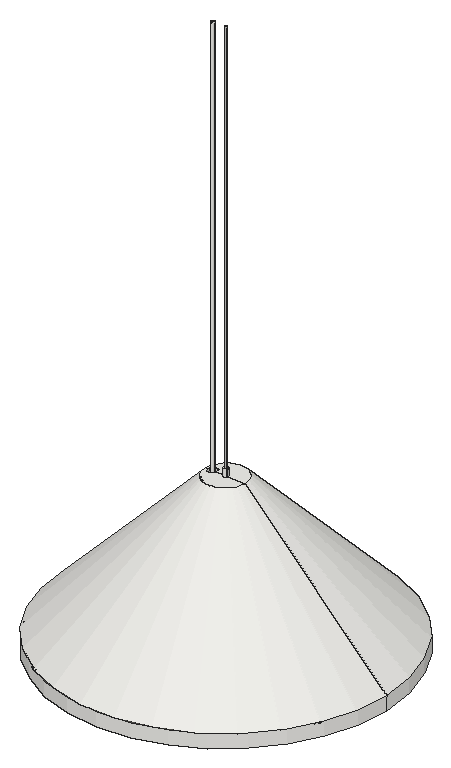
Revit family "Lighting_Pendants_Zero_Poker_Pendant", category Lighting Fixtures, Revit 2020
Family settings
  Round Connector Dimension = Use Diameter
  Part Type = Normal
  OmniClass Number = 23.80.70.00
  OmniClass Title = Lighting
  Work Plane-Based = Yes
  Always vertical = Yes
  Cut with Voids When Loaded = No
  Light Source = Yes
  Shared = No
  Room Calculation Point = No
Parameters (values of type "Poker Pendant 17W/1421LM 480mm White")
  Youtube clip = ""
  Weight Net (Kg) = "5.5"
  Wattage = 9.55959 W
  WarrantyStartDate [instance] = "n/a"
  WarrantyGuarantorParts = "n/a"
  WarrantyGuarantorLabor = "n/a"
  WarrantyDurationUnit = "Year"
  WarrantyDurationParts = "n/a"
  WarrantyDurationLabor = "n/a"
  WarrantyDescription = "n/a"
  built-in parameter 1150110 = 1 (stored number, unit not read)
  VersionDate = "31/08/2023"  # constant formula
  Version = "4"  # constant formula
  UsageCurrent = 0 A
  Uniformat II Description = ""
  Uniformat II Code = ""
  Uniclass2015Reference = "Pr_70_70_48_86"
  Uniclass2015Description = "Suspended luminaires"
  Uniclass2 = "Pr_70_70_49_86"
  Uniclass 2015 Name = ""
  Uniclass 2015 Code = ""
  Uniclass 2.0 Description = ""
  Uniclass 2.0 Code = ""
  Uniclass 1.4 Description = ""
  Uniclass 1.4 Code = ""
  URL = "https://www.zerolighting.com/poker-inompe"
  UNSPSC Code = ""
  TotalWattage = 17 W
  built-in parameter 1114217 = 1 (stored number, unit not read)
  Tilt Angle = 90.00°
  built-in parameter 1150109 = 1 (stored number, unit not read)
  built-in parameter 1150134 = (empty or 0)
  Technical description = ""
  TagNumber [instance] = "n/a"
  SustainabilityPerformance = "n/a"
  built-in parameter 1150113 = 1 (stored number, unit not read)
  Size = "480x480x230 mm"
  Shape = "Cone"
  ShadeType = poker-480-pendant : poker-480-pendant
  SerialNumber [instance] = "n/a"
  Revision = "7"  # constant formula
  ReplacementCost = "n/a"
  Region South America = "None"
  Region Oceania = "AU, NZ"
  Region North America = "BZ, CR, GT, HN, MX, NI, PA, SV, US"
  Region Middle East = "AE"
  Region Europe = "AD, AL, AT, AX, BA, BE, BG, BY, CH, CY, CZ, DE, DK, EE, ES, FI, FO, FR, GB, GG, GI, GR, HR, HU, IE, IM, IS, IT, JE, LI, LT, LU, LV, MC, MD, ME, MK, MT, NL, NO, PL, PT, RO, RS, RU, SE, SI, SJ, SK, SM, UA, VA"
  Region Asia = "HK, JP, SG"
  Region Antarctica = "None"
  Region Africa = "None"
  ProductInformation = "n/a"
  Product group = "Pendant"
  Product family = "Poker"
  Product certification = ""
  Product SKU = "Poker_pendant"
  Product Guid = "875a4a6f-7ccf-43d6-9719-72087a907706"
  Photometric Web File = "Poker78041_IES.IES"
  PhaseReference = "n/a"
  PhaseAngle = 0.00°
  OmniClass Description = ""
  OmniClass Code = ""
  NumberOfSources = 0
  NumberOfPoles = 1
  Nominal_Height = 230 mm
  NominalVoltageCalc = 0 V
  NominalVoltage = 230 V
  NominalRadius = 240 mm
  NominalLength = 480 mm
  NominalFrequencyRange = 50 Hz
  NominalDiameter = 480 mm
  NominalCurrent = 0 A
  Nominal width = 0 mm
  Nominal height = 0 mm
  Name = "Zero_Poker_Pendant"  # constant formula
  NBSReference = "90-60-50/405"
  NBSDescription = "General purpose luminaires"
  NBS Reference Description = ""
  NBS Reference Code = ""
  ModelReference = "n/a"
  ModelNumber = ArticleNumber  # "7804101"
  Model = "Poker Pendant 17W/1421LM 480mm White"
  Material secondary = "Acrylic"
  Material main = "Aluminium"
  Material = "Metal and plastic"
  Masterformat 2014 Description = ""
  Masterformat 2014 Code = ""
  ManufacturersSpecificInformation = "n/a"
  ManufacturerURL = "https://www.zerolighting.com/"
  ManufacturerName = "Zero"
  Manufacturer name = "ZERO"
  Manufacturer country = "Sweden"
  Manufacturer = "Zero"
  MaintenanceFactor = 0
  Lumens = 1420 lm
  built-in parameter 1150115 = 1 (stored number, unit not read)
  built-in parameter 1150105 = 527.31 (stored number, unit not read)
  LightFixturePlacingType = "Ceiling"
  LightFixtureMountingType = "Suspended"
  LightFixtureMainMaterial = White
  built-in parameter 1150137 = (empty or 0)
  built-in parameter 1150139 = (empty or 0)
  LensMaterial = Diffuse acrylic
  built-in parameter 1150112 = 1 (stored number, unit not read)
  built-in parameter 1150114 = 1 (stored number, unit not read)
  InsulationStandardClass = "n/a"
  InstallationDate [instance] = "n/a"
  Installation instructions = ""
  built-in parameter 1150132 = 2
  built-in parameter 1150102 = (empty or 0)
  built-in parameter 1150138 = (empty or 0)
  built-in parameter 1150107 = 3000 (stored number, unit not read)
  built-in parameter 1150106 = 5.2731 (stored number, unit not read)
  IfcExportType = "NOTDEFINED"  # constant formula
  IfcExportAs = "IfcLightFixtureType"  # constant formula
  IP_Code = "IP20"
  IFC Classification = ""
  HasProtectiveEarth = no
  Grade = "n/a"
  GTIN code = ""
  Finish = "Aluminium, painted white or black. Diffuser in matt acrylic."
  Features = "Terminal block 3x2,5mm2, when HFF terminal block 5x4mm2. Wire and cable pendant, 2 m, other lengths on request."
  ExpectedLife = "n/a"
  Emit from Circle Diameter = 470 mm
  Emit Shape Visible in Rendering = no
  ElectricalDeviceNominalPower = 0
  built-in parameter 1150104 = 13.8 (stored number, unit not read)
  Edition number = 1
  EANNumber = "n/a"
  DurationUnit = "Year"
  Dimming Lamp Color Temperature Shift = <None>
  Dimming = "None"
  Designer = "Thomas Bernstrand"
  Design country = "Sweden"
  DefaultElevation = 0 mm
  Default Elevation [instance] = 1219.2 mm
  Date of publishing = ""
  Constituents = "n/a"
  Color Filter = 16777215
  Color = "Black or white"
  Collection = "Poker"
  CodePerformance = "n/a"
  Category = "Pendant"
  CableLength [instance] = 600 mm
  COBIe Type Category = ""
  Brand url = "http://www.zero.se"
  Brand = "Zero"
  Barcode [instance] = "n/a"
  built-in parameter 1114218 = 1 (stored number, unit not read)
  BIMObjectName = "Lighting_Pendants_Zero_Poker_Pendant"  # constant formula
  Author = "BIMstone"  # constant formula
  built-in parameter 1150133 = 10 (stored number, unit not read)
  AssetType = "Fixed"
  AssetIdentifier [instance] = "n/a"
  ArticleNumber = "7804101"
  AccessibilityPerformance = "n/a"
Types (16, lengths in mm): name | Wattage | TotalWattage | built-in parameter 1150134 | Size | ShadeType | Photometric Web File | Nominal_Height | NominalRadius | NominalLength | NominalDiameter | ModelNumber | Model | Lumens | built-in parameter 1150105 | LightFixtureMainMaterial | built-in parameter 1150107 | built-in parameter 1150106 | Emit from Circle Diameter | Dimming | ArticleNumber
  Poker Pendant 32W/3854LM 1040mm White | 25.9455 W | 32 W | 12 | "1040x1040x520 mm" | poker-1040-pendant : poker-1040-pendant | "Poker78053-4000K.IES" | 520 | 520 | 1040 | 1040 | "7805301-40" | "Poker Pendant 32W/3854LM 1040mm White" | 3854 lm | 306.69 (stored number, unit not read) | White | 4000 (stored number, unit not read) | 3.0669 (stored number, unit not read) | 1030 | "None" | "7805301-40"
  Poker Pendant 32W/3854LM 1040mm White DALI | 25.9455 W | 32 W | 12 | "1040x1040x520 mm" | poker-1040-pendant : poker-1040-pendant | "Poker78053-4000K.IES" | 520 | 520 | 1040 | 1040 | "7805301D40" | "Poker Pendant 32W/3854LM 1040mm White DALI" | 3854 lm | 306.69 (stored number, unit not read) | White | 4000 (stored number, unit not read) | 3.0669 (stored number, unit not read) | 1030 | "Dimmable DALI or SwitchDim." | "7805301D40"
  Poker Pendant 32W/3854LM 1040mm Black | 25.9455 W | 32 W | 12 | "1040x1040x520 mm" | poker-1040-pendant : poker-1040-pendant | "Poker78053-4000K.IES" | 520 | 520 | 1040 | 1040 | "7805306-40" | "Poker Pendant 32W/3854LM 1040mm Black" | 3854 lm | 306.69 (stored number, unit not read) | Black | 4000 (stored number, unit not read) | 3.0669 (stored number, unit not read) | 1030 | "None" | "7805306-40"
  Poker Pendant 32W/3854LM 1040mm Black DALI | 25.9455 W | 32 W | 12 | "1040x1040x520 mm" | poker-1040-pendant : poker-1040-pendant | "Poker78053-4000K.IES" | 520 | 520 | 1040 | 1040 | "7805306D40" | "Poker Pendant 32W/3854LM 1040mm Black DALI" | 3854 lm | 306.69 (stored number, unit not read) | Black | 4000 (stored number, unit not read) | 3.0669 (stored number, unit not read) | 1030 | "Dimmable DALI or SwitchDim." | "7805306D40"
  Poker Pendant E27/max 28W 480mm Black | 9.56632 W | 28 W | (empty or 0) | "480x480x230 mm" | poker-480-pendant : poker-480-pendant | "Poker78003-26W_IES.IES" | 230 | 240 | 480 | 480 | "7801106" | "Poker Pendant E27/max 28W 480mm Black" | 1421 lm | 113.08 (stored number, unit not read) | Black | 3000 (stored number, unit not read) | 1.1308 (stored number, unit not read) | 470 | "None" | "7801106"
  Poker Pendant E27/max 28W 480mm White | 9.56632 W | 28 W | (empty or 0) | "480x480x230 mm" | poker-480-pendant : poker-480-pendant | "Poker78003-26W_IES.IES" | 230 | 240 | 480 | 480 | "7801101" | "Poker Pendant E27/max 28W 480mm White" | 1421 lm | 113.08 (stored number, unit not read) | White | 3000 (stored number, unit not read) | 1.1308 (stored number, unit not read) | 470 | "None" | "7801101"
  Poker Pendant E27/max 28W 1040mm White | 9.56632 W | 28 W | (empty or 0) | "1040x1040x520 mm" | poker-1040-pendant : poker-1040-pendant | "Poker78003-26W_IES.IES" | 520 | 520 | 1040 | 1040 | "7801301" | "Poker Pendant E27/max 28W 1040mm White" | 1421 lm | 113.08 (stored number, unit not read) | White | 3000 (stored number, unit not read) | 1.1308 (stored number, unit not read) | 1030 | "None" | "7801301"
  Poker Pendant E27/max 28W 1040mm Black | 9.56632 W | 28 W | (empty or 0) | "1040x1040x520 mm" | poker-1040-pendant : poker-1040-pendant | "Poker78003-26W_IES.IES" | 520 | 520 | 1040 | 1040 | "7801306" | "Poker Pendant E27/max 28W 1040mm Black" | 1421 lm | 113.08 (stored number, unit not read) | Black | 3000 (stored number, unit not read) | 1.1308 (stored number, unit not read) | 1030 | "None" | "7801306"
  Poker Pendant 17W/1421LM 480mm White | 9.55959 W | 17 W | (empty or 0) | "480x480x230 mm" | poker-480-pendant : poker-480-pendant | "Poker78041_IES.IES" | 230 | 240 | 480 | 480 | "7804101" | "Poker Pendant 17W/1421LM 480mm White" | 1420 lm | 527.31 (stored number, unit not read) | White | 3000 (stored number, unit not read) | 5.2731 (stored number, unit not read) | 470 | "None" | "7804101"
  Poker Pendant 17W/1421LM 480mm White HFF | 9.55959 W | 17 W | (empty or 0) | "480x480x230 mm" | poker-480-pendant : poker-480-pendant | "Poker78041_IES.IES" | 230 | 240 | 480 | 480 | "7804101HFF" | "Poker Pendant 17W/1421LM 480mm White HFF" | 1420 lm | 527.31 (stored number, unit not read) | White | 3000 (stored number, unit not read) | 5.2731 (stored number, unit not read) | 470 | "Dimmable DALI or SwitchDim." | "7804101HFF"
  Poker Pendant 17W/1421LM 480mm Black | 9.55959 W | 17 W | (empty or 0) | "480x480x230 mm" | poker-480-pendant : poker-480-pendant | "Poker78041_IES.IES" | 230 | 240 | 480 | 480 | "7804106" | "Poker Pendant 17W/1421LM 480mm Black" | 1420 lm | 527.31 (stored number, unit not read) | Black | 3000 (stored number, unit not read) | 5.2731 (stored number, unit not read) | 470 | "None" | "7804106"
  Poker Pendant 17W/1421LM 480mm Black HFF | 9.55959 W | 17 W | (empty or 0) | "480x480x230 mm" | poker-480-pendant : poker-480-pendant | "Poker78041_IES.IES" | 230 | 240 | 480 | 480 | "7804106HFF" | "Poker Pendant 17W/1421LM 480mm Black HFF" | 1420 lm | 527.31 (stored number, unit not read) | Black | 3000 (stored number, unit not read) | 5.2731 (stored number, unit not read) | 470 | "Dimmable DALI or SwitchDim." | "7804106HFF"
  Poker Pendant 32W/3394LM 1040mm White | 22.8488 W | 32 W | (empty or 0) | "1040x1040x520 mm" | poker-1040-pendant : poker-1040-pendant | "poker78053-3000K.IES" | 520 | 520 | 1040 | 1040 | "7805301-30" | "Poker Pendant 32W/3394LM 1040mm White" | 3394 lm | 270.09 (stored number, unit not read) | White | 3000 (stored number, unit not read) | 2.7009 (stored number, unit not read) | 1030 | "None" | "7805301-30"
  Poker Pendant 32W/3394LM 1040mm White DALI | 22.8488 W | 32 W | (empty or 0) | "1040x1040x520 mm" | poker-1040-pendant : poker-1040-pendant | "poker78053-3000K.IES" | 520 | 520 | 1040 | 1040 | "7805301D30" | "Poker Pendant 32W/3394LM 1040mm White DALI" | 3394 lm | 270.09 (stored number, unit not read) | White | 3000 (stored number, unit not read) | 2.7009 (stored number, unit not read) | 1030 | "Dimmable DALI or SwitchDim." | "7805301D30"
  Poker Pendant 32W/3394LM 1040mm Black | 22.8488 W | 32 W | (empty or 0) | "1040x1040x520 mm" | poker-1040-pendant : poker-1040-pendant | "poker78053-3000K.IES" | 520 | 520 | 1040 | 1040 | "7805306-30" | "Poker Pendant 32W/3394LM 1040mm Black" | 3394 lm | 270.09 (stored number, unit not read) | Black | 3000 (stored number, unit not read) | 2.7009 (stored number, unit not read) | 1030 | "None" | "7805306-30"
  Poker Pendant 32W/3394LM 1040mm Black DALI | 22.8488 W | 32 W | (empty or 0) | "1040x1040x520 mm" | poker-1040-pendant : poker-1040-pendant | "poker78053-3000K.IES" | 520 | 520 | 1040 | 1040 | "7805306D30" | "Poker Pendant 32W/3394LM 1040mm Black DALI" | 3394 lm | 270.09 (stored number, unit not read) | Black | 3000 (stored number, unit not read) | 2.7009 (stored number, unit not read) | 1030 | "Dimmable DALI or SwitchDim." | "7805306D30"
Reference planes
  plane 1 "Light Source Axis (F/B)": y = 0
  plane 2: z = 0
  plane 3 "Light Source Axis (L/R)": x = 0
  plane 4 "Ceiling": z = 0
  plane 5 "Light Source Elevation": z = -830
  plane 6: y = 240
  plane 7: y = -240
  plane 8: z = -600
  plane 9: z = -610
  plane 10: z = 0
Forms (mm)
  Extrusion 1, solid, material "White" <- "LightFixtureMainMaterial", detail levels coarse
    sketch origin (0, 0, -111) x (-1, 0, 0) y (0, -1, 0)
      loop
        line (240, 240) -> (-240, 240) -> (-240, -240) -> (240, -240) -> (240, 240)
    from 111 to -719
  Extrusion 2, solid, material "Stainless Steel, Polished", detail levels medium+fine
    sketch origin (0, 0, -830) x (-1, 0, 0) y (0, -1, 0)
      loop
        circle (0, 0) r 1.5
    from 230 to 830
  Extrusion 3, solid, material "White" <- "LightFixtureMainMaterial", detail levels medium+fine
    sketch origin (0, 0, -830) x (-1, 0, 0) y (0, -1, 0)
      loop
        circle (19.385, 0) r 2.5
    from 220 to 830
Lines and regions (mm)
  symbolic lines, detail levels medium+fine
    curve 1: line (0, -2.376, -590) -> (0, -2.376, 0)
    curve 2: line (-16.885, 0, -600) -> (-16.885, 0, 0)
    curve 3: line (-21.885, 0, 0) -> (-21.885, 0, -600)
    curve 4: line (1.5, 0, -590) -> (1.5, 0, 0)
    curve 5: line (-1.5, 0, -590) -> (-1.5, 0, 0)
    curve 6: line (0, 2.376, -590) -> (0, 2.376, 0)
Dimensions and locks
  equal spacing: plane 6, plane 1 "Light Source Axis (F/B)", plane 7
  "NominalLength": plane 6 to plane 7
  equal spacing: Extrusion 1, plane 3 "Light Source Axis (L/R)", Extrusion 1
  "NominalLength": Extrusion 1 to Extrusion 1
  "CableLength": plane 8 to level
  "Nominal_Height": plane 5 "Light Source Elevation" to plane 8
  locked: plane 9 to plane 8 at 10
  aligned and locked: plane 3 "Light Source Axis (L/R)" to imposter light
  aligned and locked: plane 1 "Light Source Axis (F/B)" to imposter light
  aligned and locked: level to Extrusion 2
  aligned and locked: imposter light to plane 5 "Light Source Elevation"
  aligned and locked: plane 5 "Light Source Elevation" to Extrusion 1
  aligned and locked: Extrusion 3 to plane 9
  aligned and locked: level to Extrusion 3
  aligned and locked: nested 1 to plane 8
  aligned and locked: Extrusion 2 to plane 8
Automatic sketch dimensions
  Extrusion 1 sketch curve to plane 7 = 0 mm
  Extrusion 1 sketch curve to plane 6 = 0 mm
  plane 3 "Light Source Axis (L/R)" to Extrusion 1 sketch curve = 240 mm
  Extrusion 1 sketch curve to plane 3 "Light Source Axis (L/R)" = 240 mm
  curve 3 to level = 0 mm
  curve 3 to plane 8 = 0 mm
  curve 2 to level = 0 mm
  curve 2 to plane 8 = 0 mm
  curve 5 to level = 0 mm
  curve 4 to level = 0 mm
  curve 3 to plane 3 "Light Source Axis (L/R)" = 21.885 mm
  curve 3 to curve 2 = 5 mm
  curve 5 to plane 3 "Light Source Axis (L/R)" = 1.5 mm
  plane 3 "Light Source Axis (L/R)" to curve 4 = 1.5 mm
  plane 8 to curve 4 = 10 mm
  curve 5 to curve 4 = 0 mm
  plane 1 "Light Source Axis (F/B)" to Extrusion 2 sketch curve = 0 mm
  Extrusion 2 sketch curve to plane 3 "Light Source Axis (L/R)" = 0 mm
  Extrusion 3 sketch curve to Extrusion 3 sketch curve = 0 mm  (x2)
  plane 1 "Light Source Axis (F/B)" to Extrusion 3 sketch curve = 0 mm
  Extrusion 3 sketch curve to plane 3 "Light Source Axis (L/R)" = 19.385 mm
  Extrusion 3 sketch curve to Extrusion 3 sketch curve = 2.5 mm
  curve 1 to level = 0 mm
  curve 6 to level = 0 mm
  plane 1 "Light Source Axis (F/B)" to curve 1 = 2.376 mm
  curve 6 to plane 1 "Light Source Axis (F/B)" = 2.376 mm
  plane 8 to curve 1 = 10 mm
  curve 1 to curve 6 = 0 mm
Nested families
  nested 1: "poker-480-pendant" at (0, 0, -830), type <- "ShadeType", Material1 <- "LightFixtureMainMaterial", Material2 <- "LensMaterial", type "poker-480-pendant"
    with Material2 Diffuse acrylic, Material1 White
Connectors
  electrical at (-19.385, 0, 0), driven by "NominalVoltage"
    settings: on Extrusion 3, index 1, voltage 230 V, apparent load 0 VA, apparent load phase1 0 VA, apparent load phase2 0 VA, apparent load phase3 0 VA, power factor 1, load classification "Other", number of poles 1, system type 31, power factor state 1, is connector primary yes, connector utility no, sub classification motor no, connector description ""
Definition of nested family "poker-480-pendant"
  Parameters (values of type "poker-480-pendant")
    Material2 [instance] = none
    Material1 [instance] = none
    Default Elevation = 0 mm
  Reference planes
    plane 1 "Center (Front/Back)": y = 0
    plane 2: z = 0
    plane 3 "Center (Left/Right)": x = 0
  Forms (mm)
    Revolve 1, solid, material <- "Material1", detail levels medium+fine
      sketch origin (0, 0, 0) x (1, 0, 0) y (0, 0, 1)
        loop
          line (-237, 0) -> (-237, 18.757) -> (-28.757, 227) -> (0, 227) -> (0, 230) -> (-30, 230) -> (-240, 20) -> (-240, 0) -> (-237, 0)
        axis (0, 230) -> (0, 0)
      angle from 0 to 360
    Extrusion 2, void
      sketch origin (0, 0, 0) x (1, 0, 0) y (0, 1, 0)
        loop
          circle (-19.385, 0) r 6.5
        loop
          circle (0, 0) r 3
      from 0 to 676.198
    Extrusion 3, solid, material <- "Material2", detail levels medium+fine
      sketch origin (0, 0, 0) x (1, 0, 0) y (0, 1, 0)
        loop
          circle (0, 0) r 237
      from 0 to 5
    Extrusion 4, solid, material <- "Material1", detail levels medium+fine
      sketch origin (0, 0, 0) x (1, 0, 0) y (0, 1, 0)
        loop
          circle (0, 0) r 3
      from 230 to 240
  Cuts and joins
    Extrusion 2 cuts Revolve 1
  Lines and regions (mm)
    symbolic lines, detail levels medium+fine
      curve 1: arc (-240, 0, 0) -> (0, 240, 0) -> (240, 0, 0) r 240
      curve 2: arc (240, 0, 0) -> (0, -240, 0) -> (-240, 0, 0) r 240
      curve 3: line (0, 240, 0) -> (0, 240, 20)
      curve 4: line (0, 240, 20) -> (0, 30, 230)
      curve 5: line (0, 30, 230) -> (0, 3, 230)
      curve 7: line (0, 240, 0) -> (0, 0, 0)
      curve 8: line (0, -240, 0) -> (0, -240, 20)
      curve 9: line (0, -240, 20) -> (0, -30, 230)
      curve 10: line (0, -30, 230) -> (0, -3, 230)
      curve 11: line (0, -240, 0) -> (0, 0, 0)
      curve 13: line (-240, 0, 0) -> (-240, 0, 20)
      curve 14: line (-240, 0, 20) -> (-30, 0, 230)
      curve 15: line (-30, 0, 230) -> (-3, 0, 230)
      curve 16: line (-240, 0, 0) -> (0, 0, 0)
      curve 18: line (240, 0, 0) -> (240, 0, 20)
      curve 19: line (240, 0, 20) -> (30, 0, 230)
      curve 20: line (30, 0, 230) -> (3, 0, 230)
      curve 21: line (240, 0, 0) -> (0, 0, 0)
      curve 23: line (0, 3, 230) -> (0, 3, 240)
      curve 24: line (0, 3, 240) -> (0, -3, 240)
      curve 25: line (0, -3, 240) -> (0, -3, 230)
      curve 28: line (-3, 0, 230) -> (-3, 0, 240)
      curve 29: line (-3, 0, 240) -> (3, 0, 240)
      curve 30: line (3, 0, 240) -> (3, 0, 230)
    symbolic lines, detail levels fine
      curve 6: line (0, 240, 20) -> (0, 0, 20)
      curve 12: line (0, -240, 20) -> (0, 0, 20)
      curve 17: line (-240, 0, 20) -> (0, 0, 20)
      curve 22: line (240, 0, 20) -> (0, 0, 20)
      curve 26: line (0, 3, 230) -> (0, 0, 230)
      curve 27: line (0, -3, 230) -> (0, 0, 230)
      curve 31: line (-3, 0, 230) -> (0, 0, 230)
      curve 32: line (3, 0, 230) -> (0, 0, 230)
      curve 33: arc (-237, 0, 0) -> (0, -237, 0) -> (237, 0, 0) r 237
      curve 34: arc (237, 0, 0) -> (0, 237, 0) -> (-237, 0, 0) r 237
  Dimensions and locks
    aligned and locked: level to plane 2
